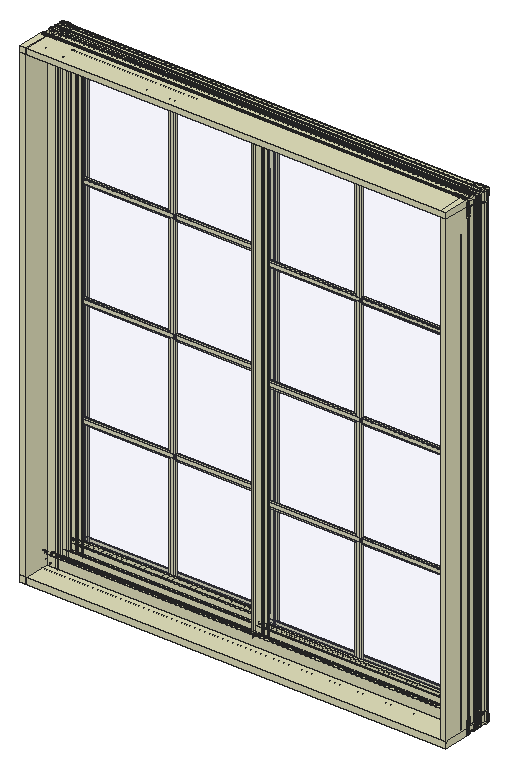
Revit family (continued)
Forms (in)
  Sweep 11, solid, material "Pella-Exterior Clad-Tan" <- "Interior Finish"
    profile origin (23.75, 2.95276, 58.25) x (0, -1, 0) y (1, 0, 0)
      loop
        line (2.99998, 0) -> (2.99998, -0.625) -> (5.90551, -0.625) -> (5.90551, 0) -> (2.99998, 0)
  Sweep 12, solid, material "Pella-Exterior Clad-Tan" <- "Interior Finish"
    path origin (0, 2.95276, 0) x (1, 0, 0) y (0, 0, 1)
      loop
        line (-23.75, 85) -> (-23.75, 31.5)
    profile origin (-23.75, 2.95276, 58.25) x (0, -1, 0) y (1, 0, 0)
      loop
        line (2.99998, 0) -> (5.90551, 0) -> (5.90551, 0.625) -> (2.99998, 0.625) -> (2.99998, 0)
  Sweep 13, solid, material "Pella-Exterior Clad-Tan" <- "Interior Finish"
    path origin (0, 2.95276, 0) x (1, 0, 0) y (0, 0, 1)
      loop
        line (23.75, 31.5) -> (-23.75, 31.5)
    profile origin (0, 2.95276, 31.5) x (0, 0, -1) y (0, -1, 0)
      loop
        line (0, 2.99998) -> (0, 5.90551) -> (-0.625, 5.90551) -> (-0.625, 2.99998) -> (0, 2.99998)
  Sweep 14, solid, material "Pella-Exterior Clad-Tan" <- "Interior Finish"
    path origin (0, 2.95276, 0) x (1, 0, 0) y (0, 0, 1)
      loop
        line (23.75, 85) -> (-23.75, 85)
    profile origin (0, 2.95276, 85) x (0, 0, -1) y (0, -1, 0)
      loop
        line (0, 2.99998) -> (0.625, 2.99998) -> (0.625, 5.90551) -> (0, 5.90551) -> (0, 2.99998)
  Sweep 15, solid, material "Pella-Exterior Clad-Tan" <- "Exterior Finish"
    path origin (0, 2.95276, 0) x (1, 0, 0) y (0, 0, 1)
      loop
        line (0, 32.75) -> (0, 83.75)
    profile origin (0, 2.95276, 58.25) x (-1, 0, 0) y (0, -1, 0)
      loop
        arc (0.62953, 0.94404) -> (0.64272, 0.9759) -> (0.67458, 0.98909) r 0.04505
        line (0.67458, 0.98909) -> (1.10078, 0.98909)
        arc (1.10078, 0.98909) -> (1.11624, 0.9827) -> (1.12268, 0.96726) r 0.0219
        arc (1.12268, 0.96726) -> (1.12847, 0.95328) -> (1.14245, 0.94749) r 0.01977
        line (1.14245, 0.94749) -> (1.17319, 0.94749)
        arc (1.17319, 0.94749) -> (1.18828, 0.95374) -> (1.19452, 0.96883) r 0.02133
        arc (1.19452, 0.96883) -> (1.17369, 1.03184) -> (1.11302, 1.05873) r 0.0819
        line (1.11302, 1.05873) -> (0.70378, 1.05873)
        arc (0.70378, 1.05873) -> (0.67635, 1.063) -> (0.65152, 1.07542) r 0.09012
        arc (0.65152, 1.07542) -> (0.60333, 1.09953) -> (0.5501, 1.10783) r 0.17491
        line (0.5501, 1.10783) -> (-0.10941, 1.10783)
        arc (-0.10941, 1.10783) -> (-0.12362, 1.11371) -> (-0.1295, 1.12792) r 0.02009
        line (-0.1295, 1.12792) -> (-0.1295, 1.18197)
        arc (-0.1295, 1.18197) -> (-0.13534, 1.19607) -> (-0.14945, 1.20192) r 0.01995
        line (-0.14945, 1.20192) -> (-0.20332, 1.20192)
        arc (-0.20332, 1.20192) -> (-0.21737, 1.19609) -> (-0.22319, 1.18204) r 0.01987
        arc (-0.22319, 1.18204) -> (-0.2948, 1.11038) -> (-0.36645, 1.18201) r 0.07163
        line (-0.36645, 1.18201) -> (-0.36645, 1.34319)
        arc (-0.36645, 1.34319) -> (-0.35425, 1.38267) -> (-0.3219, 1.4084) r 0.07
        line (-0.3219, 1.4084) -> (-0.15506, 1.47354)
        arc (-0.15506, 1.47354) -> (-0.13774, 1.5117) -> (-0.17545, 1.52999) r 0.03002
        line (-0.17545, 1.52999) -> (-0.34691, 1.46304)
        arc (-0.34691, 1.46304) -> (-0.40466, 1.41711) -> (-0.42645, 1.34661) r 0.125
        line (-0.42645, 1.34661) -> (-0.42645, 1.21299)
        arc (-0.42645, 1.21299) -> (-0.43963, 1.18117) -> (-0.47145, 1.16799) r 0.045
        line (-0.47145, 1.16799) -> (-0.81245, 1.16799)
        arc (-0.81245, 1.16799) -> (-0.84245, 1.13799) -> (-0.81245, 1.10799) r 0.03
        line (-0.81245, 1.10799) -> (-0.47145, 1.10799)
        arc (-0.47145, 1.10799) -> (-0.43963, 1.09481) -> (-0.42645, 1.06299) r 0.045
        line (-0.42645, 1.06299) -> (-0.42645, 0.66699)
        arc (-0.42645, 0.66699) -> (-0.43963, 0.63517) -> (-0.47145, 0.62199) r 0.045
        line (-0.47145, 0.62199) -> (-0.81245, 0.62199)
        arc (-0.81245, 0.62199) -> (-0.84245, 0.59199) -> (-0.81245, 0.56199) r 0.03
        line (-0.81245, 0.56199) -> (-0.47146, 0.56199)
        arc (-0.47146, 0.56199) -> (-0.43964, 0.54881) -> (-0.42647, 0.517) r 0.04499
        line (-0.42647, 0.517) -> (-0.42647, 0.25995)
        arc (-0.42647, 0.25995) -> (-0.39716, 0.18921) -> (-0.32643, 0.15991) r 0.10004
        line (-0.32643, 0.15991) -> (0.52971, 0.15991)
        arc (0.52971, 0.15991) -> (0.56165, 0.17314) -> (0.57488, 0.20507) r 0.04516
        arc (0.57488, 0.20507) -> (0.55518, 0.24064) -> (0.51521, 0.2332) r 0.03476
        line (0.51521, 0.2332) -> (0.36864, 0.255)
        arc (0.36864, 0.255) -> (0.32556, 0.29808) -> (0.36864, 0.34116) r 0.04308
        line (0.36864, 0.34116) -> (0.56564, 0.35841)
        arc (0.56564, 0.35841) -> (0.61114, 0.38085) -> (0.62953, 0.42813) r 0.06999
        line (0.62953, 0.42813) -> (0.62953, 0.94404)
      loop
        arc (0.30714, 0.3633) -> (0.33811, 0.38654) -> (0.3754, 0.39697) r 0.105
        line (0.3754, 0.39697) -> (0.51848, 0.40948)
        arc (0.51848, 0.40948) -> (0.54773, 0.42391) -> (0.55955, 0.45431) r 0.045
        line (0.55955, 0.45431) -> (0.55955, 1.00799)
        arc (0.55955, 1.00799) -> (0.54637, 1.03981) -> (0.51455, 1.05299) r 0.045
        line (0.51455, 1.05299) -> (-0.32645, 1.05299)
        arc (-0.32645, 1.05299) -> (-0.35827, 1.03981) -> (-0.37145, 1.00799) r 0.045
        line (-0.37145, 1.00799) -> (-0.37145, 0.25999)
        arc (-0.37145, 0.25999) -> (-0.35827, 0.22817) -> (-0.32645, 0.21499) r 0.045
        line (-0.32645, 0.21499) -> (0.23455, 0.21499)
        arc (0.23455, 0.21499) -> (0.26637, 0.22817) -> (0.27955, 0.25999) r 0.045
        line (0.27955, 0.25999) -> (0.27955, 0.29236)
        arc (0.27955, 0.29236) -> (0.28669, 0.33042) -> (0.30714, 0.3633) r 0.105
  Sweep 16, solid, material "Pella-Exterior Clad-Tan" <- "Exterior Finish"
    path origin (0, 2.95276, 0) x (1, 0, 0) y (0, 0, 1)
      loop
        line (-22.5, 32.75) -> (-22.5, 83.75)
    profile origin (-22.5, 2.95276, 58.25) x (-1, 0, 0) y (0, -1, 0)
      loop
        arc (-1.24171, 1.07602) -> (-1.26649, 1.06364) -> (-1.29385, 1.05938) r 0.09
        line (-1.29385, 1.05938) -> (-1.70271, 1.05938)
        arc (-1.70271, 1.05938) -> (-1.75928, 1.03595) -> (-1.78271, 0.97938) r 0.08
        arc (-1.78271, 0.97938) -> (-1.77833, 0.96142) -> (-1.76617, 0.94749) r 0.03901
        line (-1.76617, 0.94749) -> (-1.73271, 0.94749)
        arc (-1.73271, 0.94749) -> (-1.71857, 0.95335) -> (-1.71271, 0.96749) r 0.02
        arc (-1.71271, 0.96749) -> (-1.7063, 0.98297) -> (-1.69082, 0.98938) r 0.02189
        line (-1.69082, 0.98938) -> (-1.26471, 0.98938)
        arc (-1.26471, 0.98938) -> (-1.23289, 0.9762) -> (-1.21971, 0.94438) r 0.045
        line (-1.21971, 0.94438) -> (-1.21971, 0.42852)
        arc (-1.21971, 0.42852) -> (-1.20132, 0.38123) -> (-1.15581, 0.35879) r 0.07
        line (-1.15581, 0.35879) -> (-0.9588, 0.34155)
        arc (-0.9588, 0.34155) -> (-0.92457, 0.29847) -> (-0.9588, 0.25539) r 0.04423
        line (-0.9588, 0.25539) -> (-1.11174, 0.23259)
        arc (-1.11174, 0.23259) -> (-1.14694, 0.2356) -> (-1.16551, 0.20554) r 0.03372
        arc (-1.16551, 0.20554) -> (-1.15221, 0.17345) -> (-1.12012, 0.16015) r 0.04539
        line (-1.12012, 0.16015) -> (-0.26375, 0.16015)
        arc (-0.26375, 0.16015) -> (-0.19295, 0.18948) -> (-0.16363, 0.26028) r 0.10012
        line (-0.16363, 0.26028) -> (-0.16363, 0.99538) -> (-0.13271, 1.0263) -> (-0.13271, 1.08838)
        arc (-0.13271, 1.08838) -> (-0.13857, 1.10252) -> (-0.15271, 1.10838) r 0.02
        line (-0.15271, 1.10838) -> (-1.14033, 1.10838)
        arc (-1.14033, 1.10838) -> (-1.19354, 1.10009) -> (-1.24171, 1.07602) r 0.175
      loop
        arc (-0.8973, 0.36369) -> (-0.87685, 0.33081) -> (-0.86971, 0.29275) r 0.105
        line (-0.86971, 0.29275) -> (-0.86971, 0.26038)
        arc (-0.86971, 0.26038) -> (-0.85653, 0.22856) -> (-0.82471, 0.21538) r 0.045
        line (-0.82471, 0.21538) -> (-0.26371, 0.21538)
        arc (-0.26371, 0.21538) -> (-0.23189, 0.22856) -> (-0.21871, 0.26038) r 0.045
        line (-0.21871, 0.26038) -> (-0.21871, 1.00838)
        arc (-0.21871, 1.00838) -> (-0.23189, 1.0402) -> (-0.26371, 1.05338) r 0.045
        line (-0.26371, 1.05338) -> (-1.10471, 1.05338)
        arc (-1.10471, 1.05338) -> (-1.13653, 1.0402) -> (-1.14971, 1.00838) r 0.045
        line (-1.14971, 1.00838) -> (-1.14971, 0.4547)
        arc (-1.14971, 0.4547) -> (-1.13789, 0.4243) -> (-1.10863, 0.40987) r 0.045
        line (-1.10863, 0.40987) -> (-0.96556, 0.39736)
        arc (-0.96556, 0.39736) -> (-0.92827, 0.38693) -> (-0.8973, 0.36369) r 0.105
  Sweep 17, solid, material "Pella-Exterior Clad-Tan" <- "Exterior Finish"
    path origin (0, 2.95276, 0) x (1, 0, 0) y (0, 0, 1)
      loop
        line (-22.5, 82.53029) -> (-22.5, 33.96971)
    profile origin (-22.5, 2.95276, 58.25) x (0, -1, 0) y (1, 0, 0)
      loop
        arc (0.22529, 1.16584) -> (0.24955, 1.1383) -> (0.22831, 1.10836) r 0.02957
        line (0.22831, 1.10836) -> (0.29378, 0.96796)
        arc (0.29378, 0.96796) -> (0.32512, 0.95487) -> (0.34107, 0.98486) r 0.02522
        line (0.34107, 0.98486) -> (0.28886, 1.0968)
        arc (0.28886, 1.0968) -> (0.28791, 1.17828) -> (0.21581, 1.21625) r 0.07961
        line (0.21581, 1.21625) -> (0.21581, 1.71765)
        arc (0.21581, 1.71765) -> (0.23008, 1.73793) -> (0.23373, 1.76245) r 0.05376
        arc (0.23373, 1.76245) -> (0.22791, 1.77651) -> (0.21384, 1.78234) r 0.01989
        arc (0.21384, 1.78234) -> (0.18303, 1.77787) -> (0.16586, 1.75189) r 0.03806
        line (0.16586, 1.75189) -> (0.16586, 1.23505)
        arc (0.16586, 1.23505) -> (0.18275, 1.18944) -> (0.22529, 1.16584) r 0.07001
  Sweep 18, solid, material "Pella-Exterior Clad-Tan" <- "Exterior Finish"
    path origin (0, 2.95276, 0) x (1, 0, 0) y (0, 0, 1)
      loop
        line (-0.62953, 33.96971) -> (-0.62953, 82.53029)
    profile origin (-0.62953, 2.95276, 58.25) x (-1, 0, 0) y (0, -1, 0)
      loop
        arc (-1.20519, 1.662) -> (-1.17764, 1.68626) -> (-1.14771, 1.66502) r 0.02957
        line (-1.14771, 1.66502) -> (-1.0073, 1.73049)
        arc (-1.0073, 1.73049) -> (-0.99421, 1.76184) -> (-1.02421, 1.77778) r 0.02522
        line (-1.02421, 1.77778) -> (-1.13615, 1.72557)
        arc (-1.13615, 1.72557) -> (-1.21762, 1.72462) -> (-1.25559, 1.65253) r 0.07961
        line (-1.25559, 1.65253) -> (-1.757, 1.65253)
        arc (-1.757, 1.65253) -> (-1.77727, 1.66679) -> (-1.8018, 1.67045) r 0.05376
        arc (-1.8018, 1.67045) -> (-1.81586, 1.66462) -> (-1.82169, 1.65056) r 0.01989
        arc (-1.82169, 1.65056) -> (-1.81722, 1.61974) -> (-1.79124, 1.60257) r 0.03806
        line (-1.79124, 1.60257) -> (-1.27439, 1.60257)
        arc (-1.27439, 1.60257) -> (-1.22878, 1.61947) -> (-1.20519, 1.662) r 0.07001
  Sweep 19, solid, material "Pella-Exterior Clad-Tan" <- "Exterior Finish"
    path origin (0, 2.95276, 0) x (1, 0, 0) y (0, 0, 1)
      loop
        line (0, 32.75) -> (0, 83.75)
    profile origin (0, 2.95276, 58.25) x (-1, 0, 0) y (0, -1, 0)
      loop
        line (0.36644, 1.52697) -> (0.36644, 1.37997)
        arc (0.36644, 1.37997) -> (0.39644, 1.34997) -> (0.42644, 1.37997) r 0.03
        line (0.42644, 1.37997) -> (0.42644, 2.54497) -> (0.38231, 2.79523)
        arc (0.38231, 2.79523) -> (0.37156, 2.8247) -> (0.35136, 2.84869) r 0.09
        line (0.35136, 2.84869) -> (0.27476, 2.91265)
        arc (0.27476, 2.91265) -> (0.22567, 2.90209) -> (0.24779, 2.85701) r 0.03186
        line (0.24779, 2.85701) -> (0.32131, 2.79561) -> (0.33969, 2.69166)
        arc (0.33969, 2.69166) -> (0.31235, 2.58951) -> (0.21652, 2.5448) r 0.12508
        line (0.21652, 2.5448) -> (-0.55011, 2.5448)
        arc (-0.55011, 2.5448) -> (-0.60334, 2.53651) -> (-0.65152, 2.5124) r 0.1749
        arc (-0.65152, 2.5124) -> (-0.67635, 2.49998) -> (-0.70378, 2.4957) r 0.09013
        line (-0.70378, 2.4957) -> (-1.11301, 2.4957)
        arc (-1.11301, 2.4957) -> (-1.17365, 2.46884) -> (-1.19448, 2.40587) r 0.08186
        arc (-1.19448, 2.40587) -> (-1.18825, 2.39084) -> (-1.17322, 2.38461) r 0.02126
        line (-1.17322, 2.38461) -> (-1.14242, 2.38461)
        arc (-1.14242, 2.38461) -> (-1.1285, 2.39038) -> (-1.12273, 2.4043) r 0.01969
        arc (-1.12273, 2.4043) -> (-1.11628, 2.41973) -> (-1.10083, 2.42611) r 0.0219
        line (-1.10083, 2.42611) -> (-0.6746, 2.42611)
        arc (-0.6746, 2.42611) -> (-0.64273, 2.41291) -> (-0.62953, 2.38104) r 0.04507
        line (-0.62953, 2.38104) -> (-0.62953, 1.86511)
        arc (-0.62953, 1.86511) -> (-0.61114, 1.81783) -> (-0.56565, 1.7954) r 0.06998
        line (-0.56565, 1.7954) -> (-0.36865, 1.77815)
        arc (-0.36865, 1.77815) -> (-0.32557, 1.73507) -> (-0.36865, 1.69199) r 0.04308
        line (-0.36865, 1.69199) -> (-0.5152, 1.67008)
        arc (-0.5152, 1.67008) -> (-0.55745, 1.68257) -> (-0.57456, 1.64197) r 0.03305
        arc (-0.57456, 1.64197) -> (-0.56138, 1.61015) -> (-0.52956, 1.59697) r 0.045
        line (-0.52956, 1.59697) -> (0.01369, 1.59697)
        arc (0.01369, 1.59697) -> (0.09082, 1.51984) -> (0.01369, 1.44271) r 0.07713
        line (0.01369, 1.44271) -> (-0.24005, 1.44271)
        arc (-0.24005, 1.44271) -> (-0.27005, 1.41271) -> (-0.24005, 1.38271) r 0.03
        line (-0.24005, 1.38271) -> (0.02363, 1.38271)
        arc (0.02363, 1.38271) -> (0.09046, 1.40207) -> (0.13658, 1.45416) r 0.125
        line (0.13658, 1.45416) -> (0.18532, 1.55696)
        arc (0.18532, 1.55696) -> (0.21115, 1.58613) -> (0.24857, 1.59697) r 0.07
        line (0.24857, 1.59697) -> (0.29644, 1.59697)
        arc (0.29644, 1.59697) -> (0.34593, 1.57647) -> (0.36644, 1.52697) r 0.07
      loop
        arc (-0.30715, 1.80029) -> (-0.2867, 1.7674) -> (-0.27956, 1.72935) r 0.105
        line (-0.27956, 1.72935) -> (-0.27956, 1.69697)
        arc (-0.27956, 1.69697) -> (-0.26638, 1.66515) -> (-0.23456, 1.65197) r 0.045
        line (-0.23456, 1.65197) -> (0.32644, 1.65197)
        arc (0.32644, 1.65197) -> (0.35826, 1.66515) -> (0.37144, 1.69697) r 0.045
        line (0.37144, 1.69697) -> (0.37144, 2.44497)
        arc (0.37144, 2.44497) -> (0.35826, 2.47679) -> (0.32644, 2.48997) r 0.045
        line (0.32644, 2.48997) -> (-0.51456, 2.48997)
        arc (-0.51456, 2.48997) -> (-0.54638, 2.47679) -> (-0.55956, 2.44497) r 0.045
        line (-0.55956, 2.44497) -> (-0.55956, 1.89129)
        arc (-0.55956, 1.89129) -> (-0.54774, 1.86089) -> (-0.51849, 1.84647) r 0.045
        line (-0.51849, 1.84647) -> (-0.37541, 1.83395)
        arc (-0.37541, 1.83395) -> (-0.33812, 1.82352) -> (-0.30715, 1.80029) r 0.105
  Sweep 20, solid, material "Pella-Exterior Clad-Tan" <- "Exterior Finish"
    path origin (0, 2.95276, 0) x (1, 0, 0) y (0, 0, 1)
      loop
        line (0.62953, 82.53029) -> (0.62953, 33.96971)
    profile origin (0.62953, 2.95276, 58.25) x (0, -1, 0) y (1, 0, 0)
      loop
        arc (0.22529, -1.20519) -> (0.18275, -1.22878) -> (0.16586, -1.27439) r 0.07001
        line (0.16586, -1.27439) -> (0.16586, -1.79124)
        arc (0.16586, -1.79124) -> (0.18303, -1.81722) -> (0.21384, -1.82169) r 0.03806
        arc (0.21384, -1.82169) -> (0.22791, -1.81586) -> (0.23373, -1.8018) r 0.01989
        arc (0.23373, -1.8018) -> (0.23008, -1.77727) -> (0.21581, -1.757) r 0.05376
        line (0.21581, -1.757) -> (0.21581, -1.25559)
        arc (0.21581, -1.25559) -> (0.28791, -1.21762) -> (0.28886, -1.13615) r 0.07961
        line (0.28886, -1.13615) -> (0.34107, -1.02421)
        arc (0.34107, -1.02421) -> (0.32512, -0.99421) -> (0.29378, -1.0073) r 0.02522
        line (0.29378, -1.0073) -> (0.22831, -1.14771)
        arc (0.22831, -1.14771) -> (0.24955, -1.17764) -> (0.22529, -1.20519) r 0.02957
  Sweep 21, solid, material "Pella-Exterior Clad-Tan" <- "Exterior Finish"
    path origin (0, 1.28248, 0) x (-1, 0, 0) y (0, 0, 1)
      loop
        line (-22.5, 83.75) -> (0.42645, 83.75)
    profile origin (11.03678, 1.28248, 83.75) x (0, 0, 1) y (0, 1, 0)
      loop
        arc (-1.24171, -0.84246) -> (-1.19354, -0.86654) -> (-1.14033, -0.87482) r 0.175
        line (-1.14033, -0.87482) -> (-0.15271, -0.87482)
        arc (-0.15271, -0.87482) -> (-0.13857, -0.86897) -> (-0.13271, -0.85482) r 0.02
        line (-0.13271, -0.85482) -> (-0.13271, -0.79274) -> (-0.16363, -0.76182) -> (-0.16363, -0.02672)
        arc (-0.16363, -0.02672) -> (-0.19295, 0.04408) -> (-0.26375, 0.07341) r 0.10012
        line (-0.26375, 0.07341) -> (-1.12012, 0.07341)
        arc (-1.12012, 0.07341) -> (-1.15221, 0.06011) -> (-1.16551, 0.02802) r 0.04539
        arc (-1.16551, 0.02802) -> (-1.14694, -0.00204) -> (-1.11174, 0.00097) r 0.03372
        line (-1.11174, 0.00097) -> (-0.9588, -0.02184)
        arc (-0.9588, -0.02184) -> (-0.92457, -0.06492) -> (-0.9588, -0.108) r 0.04423
        line (-0.9588, -0.108) -> (-1.15581, -0.12523)
        arc (-1.15581, -0.12523) -> (-1.20132, -0.14767) -> (-1.21971, -0.19497) r 0.07
        line (-1.21971, -0.19497) -> (-1.21971, -0.71082)
        arc (-1.21971, -0.71082) -> (-1.23289, -0.74264) -> (-1.26471, -0.75582) r 0.045
        line (-1.26471, -0.75582) -> (-1.69082, -0.75582)
        arc (-1.69082, -0.75582) -> (-1.7063, -0.74941) -> (-1.71271, -0.73394) r 0.02189
        arc (-1.71271, -0.73394) -> (-1.71857, -0.71979) -> (-1.73271, -0.71394) r 0.02
        line (-1.73271, -0.71394) -> (-1.76617, -0.71394)
        arc (-1.76617, -0.71394) -> (-1.77833, -0.72786) -> (-1.78271, -0.74582) r 0.03901
        arc (-1.78271, -0.74582) -> (-1.75928, -0.80239) -> (-1.70271, -0.82582) r 0.08
        line (-1.70271, -0.82582) -> (-1.29385, -0.82582)
        arc (-1.29385, -0.82582) -> (-1.26649, -0.83008) -> (-1.24171, -0.84246) r 0.09
      loop
        arc (-0.8973, -0.13013) -> (-0.92827, -0.15337) -> (-0.96556, -0.1638) r 0.105
        line (-0.96556, -0.1638) -> (-1.10863, -0.17632)
        arc (-1.10863, -0.17632) -> (-1.13789, -0.19074) -> (-1.14971, -0.22114) r 0.045
        line (-1.14971, -0.22114) -> (-1.14971, -0.77482)
        arc (-1.14971, -0.77482) -> (-1.13653, -0.80664) -> (-1.10471, -0.81982) r 0.045
        line (-1.10471, -0.81982) -> (-0.26371, -0.81982)
        arc (-0.26371, -0.81982) -> (-0.23189, -0.80664) -> (-0.21871, -0.77482) r 0.045
        line (-0.21871, -0.77482) -> (-0.21871, -0.02682)
        arc (-0.21871, -0.02682) -> (-0.23189, 0.005) -> (-0.26371, 0.01818) r 0.045
        line (-0.26371, 0.01818) -> (-0.82471, 0.01818)
        arc (-0.82471, 0.01818) -> (-0.85653, 0.005) -> (-0.86971, -0.02682) r 0.045
        line (-0.86971, -0.02682) -> (-0.86971, -0.0592)
        arc (-0.86971, -0.0592) -> (-0.87685, -0.09725) -> (-0.8973, -0.13013) r 0.105
  Sweep 22, solid, material "Pella-Exterior Clad-Tan" <- "Exterior Finish"
    path origin (0, 1.28248, 0) x (-1, 0, 0) y (0, 0, 1)
      loop
        line (-22.5, 32.75) -> (0.42645, 32.75)
    profile origin (11.03678, 1.28248, 32.75) x (0, 0, 1) y (0, 1, 0)
      loop
        arc (1.24171, -0.84246) -> (1.26649, -0.83008) -> (1.29385, -0.82582) r 0.09
        line (1.29385, -0.82582) -> (1.70271, -0.82582)
        arc (1.70271, -0.82582) -> (1.75928, -0.80239) -> (1.78271, -0.74582) r 0.08
        arc (1.78271, -0.74582) -> (1.77833, -0.72786) -> (1.76617, -0.71394) r 0.03901
        line (1.76617, -0.71394) -> (1.73271, -0.71394)
        arc (1.73271, -0.71394) -> (1.71857, -0.71979) -> (1.71271, -0.73394) r 0.02
        arc (1.71271, -0.73394) -> (1.7063, -0.74941) -> (1.69082, -0.75582) r 0.02189
        line (1.69082, -0.75582) -> (1.26471, -0.75582)
        arc (1.26471, -0.75582) -> (1.23289, -0.74264) -> (1.21971, -0.71082) r 0.045
        line (1.21971, -0.71082) -> (1.21971, -0.19497)
        arc (1.21971, -0.19497) -> (1.20132, -0.14767) -> (1.15581, -0.12523) r 0.07
        line (1.15581, -0.12523) -> (0.9588, -0.108)
        arc (0.9588, -0.108) -> (0.92457, -0.06492) -> (0.9588, -0.02184) r 0.04423
        line (0.9588, -0.02184) -> (1.11174, 0.00097)
        arc (1.11174, 0.00097) -> (1.14694, -0.00204) -> (1.16551, 0.02802) r 0.03372
        arc (1.16551, 0.02802) -> (1.15221, 0.06011) -> (1.12012, 0.07341) r 0.04539
        line (1.12012, 0.07341) -> (0.26375, 0.07341)
        arc (0.26375, 0.07341) -> (0.19295, 0.04408) -> (0.16363, -0.02672) r 0.10012
        line (0.16363, -0.02672) -> (0.16363, -0.76182) -> (0.13271, -0.79274) -> (0.13271, -0.85482)
        arc (0.13271, -0.85482) -> (0.13857, -0.86897) -> (0.15271, -0.87482) r 0.02
        line (0.15271, -0.87482) -> (1.14033, -0.87482)
        arc (1.14033, -0.87482) -> (1.19354, -0.86654) -> (1.24171, -0.84246) r 0.175
      loop
        arc (0.8973, -0.13013) -> (0.87685, -0.09725) -> (0.86971, -0.0592) r 0.105
        line (0.86971, -0.0592) -> (0.86971, -0.02682)
        arc (0.86971, -0.02682) -> (0.85653, 0.005) -> (0.82471, 0.01818) r 0.045
        line (0.82471, 0.01818) -> (0.26371, 0.01818)
        arc (0.26371, 0.01818) -> (0.23189, 0.005) -> (0.21871, -0.02682) r 0.045
        line (0.21871, -0.02682) -> (0.21871, -0.77482)
        arc (0.21871, -0.77482) -> (0.23189, -0.80664) -> (0.26371, -0.81982) r 0.045
        line (0.26371, -0.81982) -> (1.10471, -0.81982)
        arc (1.10471, -0.81982) -> (1.13653, -0.80664) -> (1.14971, -0.77482) r 0.045
        line (1.14971, -0.77482) -> (1.14971, -0.22114)
        arc (1.14971, -0.22114) -> (1.13789, -0.19074) -> (1.10863, -0.17632) r 0.045
        line (1.10863, -0.17632) -> (0.96556, -0.1638)
        arc (0.96556, -0.1638) -> (0.92827, -0.15337) -> (0.8973, -0.13013) r 0.105
  Sweep 23, solid, material "Pella-Exterior Clad-Tan" <- "Exterior Finish"
    path origin (0, 1.28248, 0) x (-1, 0, 0) y (0, 0, 1)
      loop
        line (-22.5, 32.75) -> (0.42645, 32.75)
    profile origin (11.03678, 1.28248, 32.75) x (0, 0, 1) y (0, 1, 0)
      loop
        arc (1.16584, 0.00827) -> (1.1383, -0.01599) -> (1.10836, 0.00525) r 0.02957
        line (1.10836, 0.00525) -> (0.96796, -0.06022)
        arc (0.96796, -0.06022) -> (0.95487, -0.09157) -> (0.98486, -0.10751) r 0.02522
        line (0.98486, -0.10751) -> (1.0968, -0.0553)
        arc (1.0968, -0.0553) -> (1.17828, -0.05435) -> (1.21625, 0.01775) r 0.07961
        line (1.21625, 0.01775) -> (1.71765, 0.01775)
        arc (1.71765, 0.01775) -> (1.73793, 0.00348) -> (1.76245, -0.00018) r 0.05376
        arc (1.76245, -0.00018) -> (1.77651, 0.00565) -> (1.78234, 0.01971) r 0.01989
        arc (1.78234, 0.01971) -> (1.77787, 0.05053) -> (1.75189, 0.0677) r 0.03806
        line (1.75189, 0.0677) -> (1.23505, 0.0677)
        arc (1.23505, 0.0677) -> (1.18944, 0.0508) -> (1.16584, 0.00827) r 0.07001
  Sweep 24, solid, material "Pella-Exterior Clad-Tan" <- "Exterior Finish"
    path origin (0, 1.28248, 0) x (-1, 0, 0) y (0, 0, 1)
      loop
        line (-0.42644, 83.75) -> (22.5, 83.75)
    profile origin (-11.03678, 1.28248, 83.75) x (0, 0, 1) y (0, 1, 0)
      loop
        arc (-1.16584, 0.00827) -> (-1.18944, 0.0508) -> (-1.23505, 0.0677) r 0.07001
        line (-1.23505, 0.0677) -> (-1.75189, 0.0677)
        arc (-1.75189, 0.0677) -> (-1.77787, 0.05053) -> (-1.78234, 0.01971) r 0.03806
        arc (-1.78234, 0.01971) -> (-1.77651, 0.00565) -> (-1.76245, -0.00018) r 0.01989
        arc (-1.76245, -0.00018) -> (-1.73793, 0.00348) -> (-1.71765, 0.01775) r 0.05376
        line (-1.71765, 0.01775) -> (-1.21625, 0.01775)
        arc (-1.21625, 0.01775) -> (-1.17828, -0.05435) -> (-1.0968, -0.0553) r 0.07961
        line (-1.0968, -0.0553) -> (-0.98486, -0.10751)
        arc (-0.98486, -0.10751) -> (-0.95487, -0.09157) -> (-0.96796, -0.06022) r 0.02522
        line (-0.96796, -0.06022) -> (-1.10836, 0.00525)
        arc (-1.10836, 0.00525) -> (-1.1383, -0.01599) -> (-1.16584, 0.00827) r 0.02957
  Sweep 25, solid, material "Pella-Exterior Clad-Tan" <- "Grille Finish", visible <- "Vertical Mullion 1"
    path origin (0, 2.7192, 0) x (0, 0, -1) y (1, 0, 0)
      loop
        line (-33.96971, 10.95491) -> (-82.53029, 10.95491)
    profile origin (10.95491, 2.7192, 58.25) x (-1, 0, 0) y (0, -1, 0)
      loop
        line (-0.375, 1.86258) -> (-0.375, 1.72479) -> (-0.21555, 1.70796) -> (-0.19685, 1.67557) -> (0.19685, 1.67557) -> (0.21555, 1.70796) -> (0.375, 1.72479) -> (0.375, 1.86258) -> (0.21555, 1.8794) -> (0.19685, 1.91179) -> (-0.19685, 1.91179) -> (-0.21555, 1.8794) -> (-0.375, 1.86258)
  Sweep 26, solid, material "Pella-Exterior Clad-Tan" <- "Grille Finish", visible <- "Vertical Mullion 1"
    path origin (0, 1.28248, 0) x (-1, 0, 0) y (0, 0, 1)
      loop
        line (10.95491, 33.96971) -> (10.95491, 82.53029)
    profile origin (-10.95491, 1.28248, 58.25) x (1, 0, 0) y (0, 1, 0)
      loop
        line (-0.375, 1.01085) -> (-0.21555, 0.99403) -> (-0.19685, 0.96164) -> (0.19685, 0.96164) -> (0.21555, 0.99403) -> (0.375, 1.01085) -> (0.375, 1.14864) -> (0.21555, 1.16547) -> (0.19685, 1.19786) -> (-0.19685, 1.19786) -> (-0.21555, 1.16547) -> (-0.375, 1.14864) -> (-0.375, 1.01085)
  Sweep 27, solid, material "Pella-Exterior Clad-Tan" <- "Grille Finish", visible <- "Vertical Mullion 2"
    path origin (0, 2.7192, 0) x (0, 0, -1) y (1, 0, 0)
      loop
        line (-33.96971, 10.95491) -> (-82.53029, 10.95491)
    profile origin (10.95491, 2.7192, 58.25) x (-1, 0, 0) y (0, -1, 0)
      loop
        line (3.81679, 1.86258) -> (3.65734, 1.8794) -> (3.63864, 1.91179) -> (3.24494, 1.91179) -> (3.22624, 1.8794) -> (3.06679, 1.86258) -> (3.06679, 1.72479) -> (3.22624, 1.70796) -> (3.24494, 1.67557) -> (3.63864, 1.67557) -> (3.65734, 1.70796) -> (3.81679, 1.72479) -> (3.81679, 1.86258)
      loop
        line (-3.06679, 1.86258) -> (-3.22624, 1.8794) -> (-3.24494, 1.91179) -> (-3.63864, 1.91179) -> (-3.65734, 1.8794) -> (-3.81679, 1.86258) -> (-3.81679, 1.72479) -> (-3.65734, 1.70796) -> (-3.63864, 1.67557) -> (-3.24494, 1.67557) -> (-3.22624, 1.70796) -> (-3.06679, 1.72479) -> (-3.06679, 1.86258)
  Sweep 28, solid, material "Pella-Exterior Clad-Tan" <- "Grille Finish", visible <- "Vertical Mullion 2"
    path origin (0, 0.68666, 0) x (-1, 0, 0) y (0, 0, 1)
      loop
        line (10.95491, 82.53029) -> (10.95491, 33.96971)
    profile origin (-10.95491, 0.68666, 58.25) x (0, 1, 0) y (-1, 0, 0)
      loop
        line (1.60667, 3.81679) -> (1.58985, 3.65734) -> (1.55746, 3.63864) -> (1.55746, 3.24494) -> (1.58985, 3.22624) -> (1.60667, 3.06679) -> (1.74447, 3.06679) -> (1.76129, 3.22624) -> (1.79368, 3.24494) -> (1.79368, 3.63864) -> (1.76129, 3.65734) -> (1.74447, 3.81679) -> (1.60667, 3.81679)
      loop
        line (1.60667, -3.06679) -> (1.58985, -3.22624) -> (1.55746, -3.24494) -> (1.55746, -3.63864) -> (1.58985, -3.65734) -> (1.60667, -3.81679) -> (1.74447, -3.81679) -> (1.76129, -3.65734) -> (1.79368, -3.63864) -> (1.79368, -3.24494) -> (1.76129, -3.22624) -> (1.74447, -3.06679) -> (1.60667, -3.06679)
  Sweep 29, solid, material "Pella-Exterior Clad-Tan" <- "Grille Finish", visible <- "Horizontal Mullion 1"
    path origin (0, 2.7192, 0) x (0, 0, -1) y (1, 0, 0)
      loop
        line (-58.25, 0.62953) -> (-58.25, 21.28029)
    profile origin (10.95491, 2.7192, 58.25) x (0, 0, 1) y (0, -1, 0)
      loop
        line (0.375, 1.72479) -> (0.375, 1.86258) -> (0.21555, 1.8794) -> (0.19685, 1.91179) -> (-0.19685, 1.91179) -> (-0.21555, 1.8794) -> (-0.375, 1.86258) -> (-0.375, 1.72479) -> (-0.21555, 1.70796) -> (-0.19685, 1.67557) -> (0.19685, 1.67557) -> (0.21555, 1.70796) -> (0.375, 1.72479)
  Sweep 30, solid, material "Pella-Exterior Clad-Tan" <- "Grille Finish", visible <- "Horizontal Mullion 1"
    path origin (0, 1.28248, 0) x (-1, 0, 0) y (0, 0, 1)
      loop
        line (0.62953, 58.25) -> (21.28029, 58.25)
    profile origin (-10.95491, 1.28248, 58.25) x (0, 0, 1) y (0, 1, 0)
      loop
        line (0.375, 1.14864) -> (0.21555, 1.16547) -> (0.19685, 1.19786) -> (-0.19685, 1.19786) -> (-0.21555, 1.16547) -> (-0.375, 1.14864) -> (-0.375, 1.01085) -> (-0.21555, 0.99403) -> (-0.19685, 0.96164) -> (0.19685, 0.96164) -> (0.21555, 0.99403) -> (0.375, 1.01085) -> (0.375, 1.14864)
  Sweep 31, solid, material "Pella-Exterior Clad-Tan" <- "Grille Finish", visible <- "Horizontal Mullion 2"
    path origin (0, 2.7192, 0) x (0, 0, -1) y (1, 0, 0)
      loop
        line (-58.25, 0.62953) -> (-58.25, 21.28029)
    profile origin (10.95491, 2.7192, 58.25) x (0, 0, 1) y (0, -1, 0)
      loop
        line (8.3794, 1.72479) -> (8.3794, 1.86258) -> (8.21995, 1.8794) -> (8.20125, 1.91179) -> (7.80755, 1.91179) -> (7.78885, 1.8794) -> (7.6294, 1.86258) -> (7.6294, 1.72479) -> (7.78885, 1.70796) -> (7.80755, 1.67557) -> (8.20125, 1.67557) -> (8.21995, 1.70796) -> (8.3794, 1.72479)
      loop
        line (-7.6294, 1.72479) -> (-7.6294, 1.86258) -> (-7.78885, 1.8794) -> (-7.80755, 1.91179) -> (-8.20125, 1.91179) -> (-8.21995, 1.8794) -> (-8.3794, 1.86258) -> (-8.3794, 1.72479) -> (-8.21995, 1.70796) -> (-8.20125, 1.67557) -> (-7.80755, 1.67557) -> (-7.78885, 1.70796) -> (-7.6294, 1.72479)
  Sweep 32, solid, material "Pella-Exterior Clad-Tan" <- "Grille Finish", visible <- "Horizontal Mullion 2"
    path origin (0, 1.28248, 0) x (-1, 0, 0) y (0, 0, 1)
      loop
        line (0.62953, 58.25) -> (21.28029, 58.25)
    profile origin (-10.95491, 1.28248, 58.25) x (0, 0, 1) y (0, 1, 0)
      loop
        line (8.3794, 1.14864) -> (8.21995, 1.16547) -> (8.20125, 1.19786) -> (7.80755, 1.19786) -> (7.78885, 1.16547) -> (7.6294, 1.14864) -> (7.6294, 1.01085) -> (7.78885, 0.99403) -> (7.80755, 0.96164) -> (8.20125, 0.96164) -> (8.21995, 0.99403) -> (8.3794, 1.01085) -> (8.3794, 1.14864)
      loop
        line (-7.6294, 1.14864) -> (-7.78885, 1.16547) -> (-7.80755, 1.19786) -> (-8.20125, 1.19786) -> (-8.21995, 1.16547) -> (-8.3794, 1.14864) -> (-8.3794, 1.01085) -> (-8.21995, 0.99403) -> (-8.20125, 0.96164) -> (-7.80755, 0.96164) -> (-7.78885, 0.99403) -> (-7.6294, 1.01085) -> (-7.6294, 1.14864)
  Sweep 33, solid, material "Pella-Exterior Clad-Tan" <- "Grille Finish", visible <- "Horizontal Mullion 3"
    path origin (0, 2.7192, 0) x (0, 0, -1) y (1, 0, 0)
      loop
        line (-58.25, 21.28029) -> (-58.25, 0.62953)
    profile origin (10.95491, 2.7192, 58.25) x (0, 0, -1) y (0, -1, 0)
      loop
        line (-12.3816, 1.72479) -> (-12.22215, 1.70796) -> (-12.20345, 1.67557) -> (-11.80975, 1.67557) -> (-11.79105, 1.70796) -> (-11.6316, 1.72479) -> (-11.6316, 1.86258) -> (-11.79105, 1.8794) -> (-11.80975, 1.91179) -> (-12.20345, 1.91179) -> (-12.22215, 1.8794) -> (-12.3816, 1.86258) -> (-12.3816, 1.72479)
      loop
        line (-0.375, 1.72479) -> (-0.21555, 1.70796) -> (-0.19685, 1.67557) -> (0.19685, 1.67557) -> (0.21555, 1.70796) -> (0.375, 1.72479) -> (0.375, 1.86258) -> (0.21555, 1.8794) -> (0.19685, 1.91179) -> (-0.19685, 1.91179) -> (-0.21555, 1.8794) -> (-0.375, 1.86258) -> (-0.375, 1.72479)
      loop
        line (11.6316, 1.72479) -> (11.79105, 1.70796) -> (11.80975, 1.67557) -> (12.20345, 1.67557) -> (12.22215, 1.70796) -> (12.3816, 1.72479) -> (12.3816, 1.86258) -> (12.22215, 1.8794) -> (12.20345, 1.91179) -> (11.80975, 1.91179) -> (11.79105, 1.8794) -> (11.6316, 1.86258) -> (11.6316, 1.72479)
  Sweep 34, solid, material "Pella-Exterior Clad-Tan" <- "Grille Finish", visible <- "Horizontal Mullion 3"
    path origin (0, 1.28248, 0) x (-1, 0, 0) y (0, 0, 1)
      loop
        line (0.62953, 58.25) -> (21.28029, 58.25)
    profile origin (-10.95491, 1.28248, 58.25) x (0, 0, 1) y (0, 1, 0)
      loop
        line (-11.6316, 1.14864) -> (-11.79105, 1.16547) -> (-11.80975, 1.19786) -> (-12.20345, 1.19786) -> (-12.22215, 1.16547) -> (-12.3816, 1.14864) -> (-12.3816, 1.01085) -> (-12.22215, 0.99403) -> (-12.20345, 0.96164) -> (-11.80975, 0.96164) -> (-11.79105, 0.99403) -> (-11.6316, 1.01085) -> (-11.6316, 1.14864)
      loop
        line (0.375, 1.14864) -> (0.21555, 1.16547) -> (0.19685, 1.19786) -> (-0.19685, 1.19786) -> (-0.21555, 1.16547) -> (-0.375, 1.14864) -> (-0.375, 1.01085) -> (-0.21555, 0.99403) -> (-0.19685, 0.96164) -> (0.19685, 0.96164) -> (0.21555, 0.99403) -> (0.375, 1.01085) -> (0.375, 1.14864)
      loop
        line (12.3816, 1.14864) -> (12.22215, 1.16547) -> (12.20345, 1.19786) -> (11.80975, 1.19786) -> (11.79105, 1.16547) -> (11.6316, 1.14864) -> (11.6316, 1.01085) -> (11.79105, 0.99403) -> (11.80975, 0.96164) -> (12.20345, 0.96164) -> (12.22215, 0.99403) -> (12.3816, 1.01085) -> (12.3816, 1.14864)
  Sweep 35, solid, material "Pella-Exterior Clad-Tan" <- "Grille Finish", visible <- "Horizontal Mullion 4"
    path origin (0, 2.7192, 0) x (0, 0, -1) y (1, 0, 0)
      loop
        line (-58.25, 21.28029) -> (-58.25, 0.62953)
    profile origin (10.95491, 2.7192, 58.25) x (0, 0, -1) y (0, -1, 0)
      loop
        line (14.03292, 1.72479) -> (14.19237, 1.70796) -> (14.21107, 1.67557) -> (14.60477, 1.67557) -> (14.62347, 1.70796) -> (14.78292, 1.72479) -> (14.78292, 1.86258) -> (14.62347, 1.8794) -> (14.60477, 1.91179) -> (14.21107, 1.91179) -> (14.19237, 1.8794) -> (14.03292, 1.86258) -> (14.03292, 1.72479)
      loop
        line (4.42764, 1.72479) -> (4.58709, 1.70796) -> (4.60579, 1.67557) -> (4.99949, 1.67557) -> (5.01819, 1.70796) -> (5.17764, 1.72479) -> (5.17764, 1.86258) -> (5.01819, 1.8794) -> (4.99949, 1.91179) -> (4.60579, 1.91179) -> (4.58709, 1.8794) -> (4.42764, 1.86258) -> (4.42764, 1.72479)
      loop
        line (-5.17764, 1.72479) -> (-5.01819, 1.70796) -> (-4.99949, 1.67557) -> (-4.60579, 1.67557) -> (-4.58709, 1.70796) -> (-4.42764, 1.72479) -> (-4.42764, 1.86258) -> (-4.58709, 1.8794) -> (-4.60579, 1.91179) -> (-4.99949, 1.91179) -> (-5.01819, 1.8794) -> (-5.17764, 1.86258) -> (-5.17764, 1.72479)
      loop
        line (-14.78292, 1.72479) -> (-14.62347, 1.70796) -> (-14.60477, 1.67557) -> (-14.21107, 1.67557) -> (-14.19237, 1.70796) -> (-14.03292, 1.72479) -> (-14.03292, 1.86258) -> (-14.19237, 1.8794) -> (-14.21107, 1.91179) -> (-14.60477, 1.91179) -> (-14.62347, 1.8794) -> (-14.78292, 1.86258) -> (-14.78292, 1.72479)
  Sweep 36, solid, material "Pella-Exterior Clad-Tan" <- "Grille Finish", visible <- "Horizontal Mullion 4"
    path origin (0, 1.28248, 0) x (-1, 0, 0) y (0, 0, 1)
      loop
        line (0.62953, 58.25) -> (21.28029, 58.25)
    profile origin (-10.95491, 1.28248, 58.25) x (0, 0, 1) y (0, 1, 0)
      loop
        line (-14.03292, 1.14864) -> (-14.19237, 1.16547) -> (-14.21107, 1.19786) -> (-14.60477, 1.19786) -> (-14.62347, 1.16547) -> (-14.78292, 1.14864) -> (-14.78292, 1.01085) -> (-14.62347, 0.99403) -> (-14.60477, 0.96164) -> (-14.21107, 0.96164) -> (-14.19237, 0.99403) -> (-14.03292, 1.01085) -> (-14.03292, 1.14864)
      loop
        line (-4.42764, 1.14864) -> (-4.58709, 1.16547) -> (-4.60579, 1.19786) -> (-4.99949, 1.19786) -> (-5.01819, 1.16547) -> (-5.17764, 1.14864) -> (-5.17764, 1.01085) -> (-5.01819, 0.99403) -> (-4.99949, 0.96164) -> (-4.60579, 0.96164) -> (-4.58709, 0.99403) -> (-4.42764, 1.01085) -> (-4.42764, 1.14864)
      loop
        line (5.17764, 1.14864) -> (5.01819, 1.16547) -> (4.99949, 1.19786) -> (4.60579, 1.19786) -> (4.58709, 1.16547) -> (4.42764, 1.14864) -> (4.42764, 1.01085) -> (4.58709, 0.99403) -> (4.60579, 0.96164) -> (4.99949, 0.96164) -> (5.01819, 0.99403) -> (5.17764, 1.01085) -> (5.17764, 1.14864)
      loop
        line (14.78292, 1.14864) -> (14.62347, 1.16547) -> (14.60477, 1.19786) -> (14.21107, 1.19786) -> (14.19237, 1.16547) -> (14.03292, 1.14864) -> (14.03292, 1.01085) -> (14.19237, 0.99403) -> (14.21107, 0.96164) -> (14.60477, 0.96164) -> (14.62347, 0.99403) -> (14.78292, 1.01085) -> (14.78292, 1.14864)
  Sweep 37, solid, material "Pella-Exterior Clad-Tan" <- "Grille Finish", visible <- "Prairie Grille"
    path origin (0, 2.7192, 0) x (0, 0, -1) y (1, 0, 0)
      loop
        line (-33.96971, 10.95491) -> (-82.53029, 10.95491)
    profile origin (10.95491, 2.7192, 58.25) x (-1, 0, 0) y (0, -1, 0)
      loop
        line (-7.28369, 1.86258) -> (-7.28369, 1.72479) -> (-7.12424, 1.70796) -> (-7.10554, 1.67557) -> (-6.71184, 1.67557) -> (-6.69314, 1.70796) -> (-6.53369, 1.72479) -> (-6.53369, 1.86258) -> (-6.69314, 1.8794) -> (-6.71184, 1.91179) -> (-7.10554, 1.91179) -> (-7.12424, 1.8794) -> (-7.28369, 1.86258)
  Sweep 38, solid, material "Pella-Exterior Clad-Tan" <- "Grille Finish", visible <- "Prairie Grille"
    path origin (0, 1.28248, 0) x (-1, 0, 0) y (0, 0, 1)
      loop
        line (10.95491, 82.53029) -> (10.95491, 33.96971)
    profile origin (-10.95491, 1.28248, 58.25) x (0, 1, 0) y (-1, 0, 0)
      loop
        line (1.01085, 7.28369) -> (0.99403, 7.12424) -> (0.96164, 7.10554) -> (0.96164, 6.71184) -> (0.99403, 6.69314) -> (1.01085, 6.53369) -> (1.14864, 6.53369) -> (1.16547, 6.69314) -> (1.19786, 6.71184) -> (1.19786, 7.10554) -> (1.16547, 7.12424) -> (1.14864, 7.28369) -> (1.01085, 7.28369)
  Sweep 39, solid, material "Pella-Exterior Clad-Tan" <- "Grille Finish", visible <- "Prairie Grille"
    path origin (0, 2.7192, 0) x (0, 0, -1) y (1, 0, 0)
      loop
        line (-58.25, 21.28029) -> (-58.25, 0.62953)
    profile origin (10.95491, 2.7192, 58.25) x (0, 0, -1) y (0, -1, 0)
      loop
        line (20.36198, 1.72479) -> (20.52143, 1.70796) -> (20.54013, 1.67557) -> (20.93383, 1.67557) -> (20.95253, 1.70796) -> (21.11198, 1.72479) -> (21.11198, 1.86258) -> (20.95253, 1.8794) -> (20.93383, 1.91179) -> (20.54013, 1.91179) -> (20.52143, 1.8794) -> (20.36198, 1.86258) -> (20.36198, 1.72479)
      loop
        line (-20.36198, 1.72479) -> (-20.36198, 1.86258) -> (-20.52143, 1.8794) -> (-20.54013, 1.91179) -> (-20.93383, 1.91179) -> (-20.95253, 1.8794) -> (-21.11198, 1.86258) -> (-21.11198, 1.72479) -> (-20.95253, 1.70796) -> (-20.93383, 1.67557) -> (-20.54013, 1.67557) -> (-20.52143, 1.70796) -> (-20.36198, 1.72479)
  Sweep 40, solid, material "Pella-Exterior Clad-Tan" <- "Grille Finish", visible <- "Prairie Grille"
    path origin (0, 1.28248, 0) x (-1, 0, 0) y (0, 0, 1)
      loop
        line (0.62953, 58.25) -> (21.28029, 58.25)
    profile origin (-10.95491, 1.28248, 58.25) x (0, 0, 1) y (0, 1, 0)
      loop
        line (-20.36198, 1.14864) -> (-20.52143, 1.16547) -> (-20.54013, 1.19786) -> (-20.93383, 1.19786) -> (-20.95253, 1.16547) -> (-21.11198, 1.14864) -> (-21.11198, 1.01085) -> (-20.95253, 0.99403) -> (-20.93383, 0.96164) -> (-20.54013, 0.96164) -> (-20.52143, 0.99403) -> (-20.36198, 1.01085) -> (-20.36198, 1.14864)
      loop
        line (20.36198, 1.14864) -> (20.36198, 1.01085) -> (20.52143, 0.99403) -> (20.54013, 0.96164) -> (20.93383, 0.96164) -> (20.95253, 0.99403) -> (21.11198, 1.01085) -> (21.11198, 1.14864) -> (20.95253, 1.16547) -> (20.93383, 1.19786) -> (20.54013, 1.19786) -> (20.52143, 1.16547) -> (20.36198, 1.14864)
  Extrusion 41, solid, material "Pella-Argon Filled, Low-E Insulating Glass" <- "Glazing Type"
    sketch origin (0, 1.28248, 0) x (-1, 0, 0) y (0, 0, 1)
      loop
        line (-21.20155, 82.45155) -> (-21.20155, 34.04845) -> (-0.70827, 34.04845) -> (-0.70827, 82.45155) -> (-21.20155, 82.45155)
    from 0 to -0.11811
  Extrusion 42, solid, material "Pella-Argon Filled, Low-E Insulating Glass" <- "Glazing Type"
    sketch origin (0, 0.68666, 0) x (-1, 0, 0) y (0, 0, 1)
      loop
        line (-21.20155, 82.45155) -> (-21.20155, 34.04845) -> (-0.70827, 34.04845) -> (-0.70827, 82.45155) -> (-21.20155, 82.45155)
    from 0 to -0.11811
  Extrusion 43, solid, material "Pella-Argon Filled, Low-E Insulating Glass" <- "Glazing Type"
    sketch origin (0, 2.7192, 0) x (0, 0, -1) y (1, 0, 0)
      loop
        line (-82.45155, -0.70827) -> (-82.45155, -20.93446) -> (-34.04845, -20.93446) -> (-34.04845, -0.70827) -> (-82.45155, -0.70827)
    from 0 to 0.11811
  Extrusion 44, solid, material "Pella-Argon Filled, Low-E Insulating Glass" <- "Glazing Type"
    sketch origin (0, 2.00526, 0) x (0, 0, -1) y (1, 0, 0)
      loop
        line (-82.45155, -0.70827) -> (-82.45155, -20.93446) -> (-34.04845, -20.93446) -> (-34.04845, -0.70827) -> (-82.45155, -0.70827)
    from 0 to -0.11811
Lines and regions (in)
  Opening 1
    outline origin (137.79528, -2.95276, 0) x (1, 0, 0) y (0, 0, 1)
      loop
        line (-114.04528, 31.5) -> (-114.04528, 85) -> (-161.54528, 85) -> (-161.54528, 31.5) -> (-114.04528, 31.5)
Text (in)
  text "EXTERIOR" at (-77.29147, 52.45485, 0), in view "Ref. Level"
  text "INTERIOR" at (-78.01048, -32.21994, 0), in view "Ref. Level"
  text "Exterior" at (0, 36.36817, 115.8778), in view "Right"
  text "Exterior" at (0, 40.96394, 105.72475), in view "Left"
Dimensions and locks (in)
  equal spacing: plane 3 "Left", plane 2 "Center (Left/Right)", plane 4 "Right"
  "Width": plane 3 "Left" to plane 4 "Right"
  "Height": plane 5 "Sill" to plane 6 "Head"
  "Default Sill Height": plane 5 "Sill" to level
  locked: plane 7 "Exterior" to host wall at 0
  locked: plane 8 "Interior" to host wall
  "Set Back": plane 10 "Set Back" to plane 9 "Exterior Facade"
  equal spacing: plane 11 "Left Sash", plane 2 "Center (Left/Right)", plane 12 "Right Sash"
  "Sash Width": plane 11 "Left Sash" to plane 12 "Right Sash"
  plane 11 "Left Sash" to plane 13 "Interior Left" to plane 27 = 0' - 1.4868" locked, 0' - 0.30189" locked
  plane 26 to plane 14 "Interior Right" to plane 12 "Right Sash" = 0' - 0.30189" locked, 0' - 1.4868" locked
  locked: plane 15 "Head (Interior)" to plane 17 "Head-Interior" at 1.4868
  locked: plane 18 "Sill-Interior" to plane 16 "Sill (Interior)" at 1.4868
  locked: plane 7 "Exterior" to plane 9 "Exterior Facade" at 1.3125
  locked: plane 6 "Head" to plane 15 "Head (Interior)" at 1.25
  locked: plane 16 "Sill (Interior)" to plane 5 "Sill" at 1.25
  equal spacing: plane 17 "Head-Interior", plane 19, plane 18 "Sill-Interior"
  locked: plane 20 "Glazing Exterior - Exterior" to plane 21 "Glazing Exterior - Interior" at 0.11811
  locked: plane 23 "Glazing Interior - Interior" to plane 22 "Glazing Interior - Exterior" at 0.11811
  locked: plane 25 "2nd Glazing Sill" to plane 18 "Sill-Interior" at 0.30189
  locked: plane 17 "Head-Interior" to plane 24 "2nd Glazing Head" at 0.30189
  plane 33 to plane 32 to plane 31 to plane 28 to plane 29 to plane 30 to plane 4 "Right" = 0' - 0.07" locked, 0' - 0.28" locked, 0' - 0.651" locked, 0' - 0.05508" locked, 0' - 0.03092" locked, 0' - 1.38271" locked
  locked: plane 34 to plane 4 "Right" at 3.03234
  locked: plane 35 to plane 4 "Right" at 0.625
  locked: plane 36 to plane 10 "Set Back" at 2.99998
  locked: plane 3 "Left" to plane 37 at 0.625
  locked: plane 10 "Set Back" to plane 38 at 2.99998
  locked: plane 5 "Sill" to plane 39 at 0.625
  locked: plane 10 "Set Back" to plane 40 at 2.99998
  locked: plane 10 "Set Back" to plane 41 at 2.99998
  locked: plane 42 to plane 6 "Head" at 0.625
  plane 10 "Set Back" to plane 20 "Glazing Exterior - Exterior" to plane 22 "Glazing Interior - Exterior" = 0' - 0.23356" locked, 0' - 0.71394" locked
  locked: plane 6 "Head" to plane 43 at 2.46971
  locked: plane 44 to plane 5 "Sill" at 2.46971
  locked: plane 3 "Left" to plane 45 at 2.46971
  locked: plane 46 to plane 4 "Right" at 2.46971
  plane 49 to plane 47 to plane 2 "Center (Left/Right)" to plane 48 to plane 50 = 0' - 0.26709" locked, 0' - 0.62953" locked, 0' - 0.62953" locked, 0' - 0.26709" locked
  equal spacing: plane 45, plane 51, plane 47
  equal spacing: plane 48, plane 52, plane 46
  plane 10 "Set Back" to plane 56 "Glazing Exterior - Exterior2" to plane 53 = 0' - 1.67027" locked, 0' - 0.71394" locked
  locked: plane 56 "Glazing Exterior - Exterior2" to plane 55 at 0.11811
  locked: plane 54 "Glazing Interior - Exterior2" to plane 53 at 0.11811
  plane 57 to plane 2 "Center (Left/Right)" to plane 58 = 0' - 0.42645" locked, 0' - 0.42644" locked
  equal spacing: plane 45, plane 59, plane 60, plane 47
  equal spacing: plane 48, plane 61, plane 62, plane 46
  plane 67 to plane 59 to plane 68 = 0' - 0 3/8" locked, 0' - 0 3/8" locked
  plane 69 to plane 60 to plane 70 = 0' - 0 3/8" locked, 0' - 0 3/8" locked
  plane 66 to plane 61 to plane 65 = 0' - 0 3/8" locked, 0' - 0 3/8" locked
  plane 64 to plane 62 to plane 63 = 0' - 0 3/8" locked, 0' - 0 3/8" locked
  equal spacing: plane 17 "Head-Interior", plane 72, plane 71, plane 18 "Sill-Interior"
  plane 74 to plane 71 to plane 73 = 0' - 0 3/8" locked, 0' - 0 3/8" locked
  plane 75 to plane 72 to plane 76 = 0' - 0 3/8" locked, 0' - 0 3/8" locked
  plane 78 to plane 72 to plane 77 = 0' - 0 3/8" locked, 0' - 0 3/8" locked
  plane 80 to plane 71 to plane 79 = 0' - 0 3/8" locked, 0' - 0 3/8" locked
  equal spacing: plane 17 "Head-Interior", plane 83, plane 82, plane 81, plane 18 "Sill-Interior"
  plane 85 to plane 81 to plane 84 = 0' - 0 3/8" locked, 0' - 0 3/8" locked
  plane 86 to plane 82 to plane 87 = 0' - 0 3/8" locked, 0' - 0 3/8" locked
  plane 88 to plane 83 to plane 89 = 0' - 0 3/8" locked, 0' - 0 3/8" locked
  plane 93 to plane 82 to plane 92 = 0' - 0 3/8" locked, 0' - 0 3/8" locked
  plane 91 to plane 81 to plane 90 = 0' - 0 3/8" locked, 0' - 0 3/8" locked
  plane 95 to plane 83 to plane 94 = 0' - 0 3/8" locked, 0' - 0 3/8" locked
  equal spacing: plane 17 "Head-Interior", plane 99, plane 98, plane 97, plane 96, plane 18 "Sill-Interior"
  plane 101 to plane 96 to plane 100 = 0' - 0 3/8" locked, 0' - 0 3/8" locked
  plane 103 to plane 97 to plane 102 = 0' - 0 3/8" locked, 0' - 0 3/8" locked
  plane 105 to plane 98 to plane 104 = 0' - 0 3/8" locked, 0' - 0 3/8" locked
  plane 107 to plane 99 to plane 106 = 0' - 0 3/8" locked, 0' - 0 3/8" locked
  plane 109 to plane 96 to plane 108 = 0' - 0 3/8" locked, 0' - 0 3/8" locked
  plane 111 to plane 97 to plane 110 = 0' - 0 3/8" locked, 0' - 0 3/8" locked
  plane 113 to plane 98 to plane 112 = 0' - 0 3/8" locked, 0' - 0 3/8" locked
  plane 115 to plane 99 to plane 114 = 0' - 0 3/8" locked, 0' - 0 3/8" locked
  plane 46 to plane 117 to plane 116 to plane 118 = 0' - 3.04169" locked, 0' - 0 3/8" locked, 0' - 0 3/8" locked
  plane 45 to plane 120 to plane 119 to plane 121 = 0' - 3.04169" locked, 0' - 0 3/8" locked, 0' - 0 3/8" locked
  plane 44 to plane 123 to plane 124 to plane 122 = 0' - 3.16831" locked, 0' - 0 3/8" locked, 0' - 0 3/8" locked
  plane 43 to plane 126 to plane 127 to plane 125 = 0' - 3.16831" locked, 0' - 0 3/8" locked, 0' - 0 3/8" locked
  plane 44 to plane 129 to plane 130 to plane 128 = 0' - 3.16831" locked, 0' - 0 3/8" locked, 0' - 0 3/8" locked
  plane 43 to plane 132 to plane 133 to plane 131 = 0' - 3.16831" locked, 0' - 0 3/8" locked, 0' - 0 3/8" locked
  locked: plane 44 to plane 137 at 0.07874
  locked: plane 134 to plane 46 at 0.07874
  locked: plane 136 to plane 48 at 0.07874
  locked: plane 135 to plane 43 at 0.07874
  locked: plane 139 to plane 43 at 0.07874
  locked: plane 138 to plane 46 at 0.07874
  locked: plane 140 to plane 48 at 0.07874
  locked: plane 44 to plane 141 at 0.07874
  locked: plane 44 to plane 145 at 0.07874
  locked: plane 143 to plane 43 at 0.07874
  locked: plane 13 "Interior Left" to plane 144 at 0.07874
  locked: plane 47 to plane 142 at 0.07874
  locked: plane 44 to plane 149 at 0.07874
  locked: plane 147 to plane 43 at 0.07874
  locked: plane 13 "Interior Left" to plane 148 at 0.07874
  locked: plane 47 to plane 146 at 0.07874
  aligned and locked: plane 3 "Left" to Sweep 1 sketch curve
  aligned and locked: plane 4 "Right" to Sweep 2 sketch curve
  aligned and locked: plane 6 "Head" to Sweep 3 sketch curve
  aligned and locked: plane 5 "Sill" to Sweep 4 sketch curve
  aligned and locked: plane 16 "Sill (Interior)" to Sweep 5 sketch curve
  aligned and locked: plane 15 "Head (Interior)" to Sweep 6 sketch curve
  aligned and locked: Sweep 7 sketch curve to plane 12 "Right Sash"
  aligned and locked: plane 30 to Sweep 7 sketch curve
  aligned and locked: plane 29 to Sweep 7 sketch curve
  aligned and locked: plane 28 to Sweep 7 sketch curve
  aligned and locked: plane 31 to Sweep 7 sketch curve
  aligned and locked: plane 32 to Sweep 7 sketch curve
  aligned and locked: plane 33 to Sweep 7 sketch curve
  aligned and locked: plane 16 "Sill (Interior)" to Sweep 8 sketch curve
  aligned and locked: plane 15 "Head (Interior)" to Sweep 9 sketch curve
  aligned and locked: Sweep 10 sketch curve to plane 12 "Right Sash"
  aligned and locked: plane 34 to Sweep 10 sketch curve
  aligned and locked: Sweep 11 sketch curve to plane 4 "Right"
  aligned and locked: plane 35 to Sweep 11 sketch curve
  aligned and locked: plane 8 "Interior" to Sweep 11 sketch curve
  aligned and locked: plane 36 to Sweep 11 sketch curve
  aligned and locked: Sweep 12 sketch curve to plane 3 "Left"
  aligned and locked: plane 37 to Sweep 12 sketch curve
  aligned and locked: plane 38 to Sweep 12 sketch curve
  aligned and locked: Sweep 12 sketch curve to plane 8 "Interior"
  aligned and locked: plane 5 "Sill" to Sweep 13 sketch curve
  aligned and locked: plane 40 to Sweep 13 sketch curve
  aligned and locked: plane 8 "Interior" to Sweep 13 sketch curve
  aligned and locked: Sweep 13 sketch curve to plane 39
  aligned and locked: plane 6 "Head" to Sweep 14 sketch curve
  aligned and locked: Sweep 14 sketch curve to plane 42
  aligned and locked: plane 41 to Sweep 14 sketch curve
  aligned and locked: Sweep 14 sketch curve to plane 8 "Interior"
  aligned and locked: plane 11 "Left Sash" to Sweep 6 sketch curve
  aligned and locked: Sweep 15 sketch curve to plane 2 "Center (Left/Right)"
  aligned and locked: plane 11 "Left Sash" to Sweep 16 sketch curve
  aligned and locked: Sweep 17 sketch curve to plane 11 "Left Sash"
  aligned and locked: Sweep 18 sketch curve to plane 47
  aligned and locked: Sweep 19 sketch curve to plane 2 "Center (Left/Right)"
  aligned and locked: plane 48 to Sweep 20 sketch curve
  aligned and locked: plane 15 "Head (Interior)" to Sweep 21 sketch curve
  aligned and locked: plane 16 "Sill (Interior)" to Sweep 22 sketch curve
  aligned and locked: plane 16 "Sill (Interior)" to Sweep 23 sketch curve
  aligned and locked: plane 15 "Head (Interior)" to Sweep 24 sketch curve
  aligned and locked: Sweep 25 sketch curve to plane 52
  aligned and locked: plane 51 to Sweep 26 sketch curve
  aligned and locked: Sweep 27 sketch curve to plane 52
  aligned and locked: plane 66 to Sweep 27 sketch curve
  aligned and locked: plane 65 to Sweep 27 sketch curve
  aligned and locked: plane 64 to Sweep 27 sketch curve
  aligned and locked: plane 63 to Sweep 27 sketch curve
  aligned and locked: Sweep 28 sketch curve to plane 51
  aligned and locked: plane 67 to Sweep 28 sketch curve
  aligned and locked: plane 68 to Sweep 28 sketch curve
  aligned and locked: plane 69 to Sweep 28 sketch curve
  aligned and locked: plane 70 to Sweep 28 sketch curve
  aligned and locked: plane 19 to Sweep 29 sketch curve
  aligned and locked: Sweep 30 sketch curve to plane 19
  aligned and locked: plane 19 to Sweep 31 sketch curve
  aligned and locked: plane 76 to Sweep 31 sketch curve
  aligned and locked: plane 75 to Sweep 31 sketch curve
  aligned and locked: plane 73 to Sweep 31 sketch curve
  aligned and locked: plane 74 to Sweep 31 sketch curve
  aligned and locked: Sweep 32 sketch curve to plane 19
  aligned and locked: plane 79 to Sweep 32 sketch curve
  aligned and locked: plane 80 to Sweep 32 sketch curve
  aligned and locked: plane 77 to Sweep 32 sketch curve
  aligned and locked: plane 78 to Sweep 32 sketch curve
  aligned and locked: Sweep 33 sketch curve to plane 19
  aligned and locked: plane 89 to Sweep 33 sketch curve
  aligned and locked: plane 88 to Sweep 33 sketch curve
  aligned and locked: plane 87 to Sweep 33 sketch curve
  aligned and locked: plane 86 to Sweep 33 sketch curve
  aligned and locked: plane 84 to Sweep 33 sketch curve
  aligned and locked: plane 85 to Sweep 33 sketch curve
  aligned and locked: Sweep 34 sketch curve to plane 19
  aligned and locked: plane 91 to Sweep 34 sketch curve
  aligned and locked: plane 90 to Sweep 34 sketch curve
  aligned and locked: plane 93 to Sweep 34 sketch curve
  aligned and locked: plane 92 to Sweep 34 sketch curve
  aligned and locked: plane 95 to Sweep 34 sketch curve
  aligned and locked: plane 94 to Sweep 34 sketch curve
  aligned and locked: Sweep 35 sketch curve to plane 19
  aligned and locked: plane 101 to Sweep 35 sketch curve
  aligned and locked: plane 100 to Sweep 35 sketch curve
  aligned and locked: plane 103 to Sweep 35 sketch curve
  aligned and locked: plane 102 to Sweep 35 sketch curve
  aligned and locked: plane 105 to Sweep 35 sketch curve
  aligned and locked: plane 104 to Sweep 35 sketch curve
  aligned and locked: plane 107 to Sweep 35 sketch curve
  aligned and locked: plane 106 to Sweep 35 sketch curve
  aligned and locked: Sweep 36 sketch curve to plane 19
  aligned and locked: plane 109 to Sweep 36 sketch curve
  aligned and locked: plane 108 to Sweep 36 sketch curve
  aligned and locked: plane 111 to Sweep 36 sketch curve
  aligned and locked: plane 110 to Sweep 36 sketch curve
  aligned and locked: plane 113 to Sweep 36 sketch curve
  aligned and locked: plane 112 to Sweep 36 sketch curve
  aligned and locked: plane 115 to Sweep 36 sketch curve
  aligned and locked: plane 114 to Sweep 36 sketch curve
  aligned and locked: Sweep 37 sketch curve to plane 52
  aligned and locked: Sweep 37 sketch curve to plane 118
  aligned and locked: Sweep 37 sketch curve to plane 117
  aligned and locked: Sweep 38 sketch curve to plane 51
  aligned and locked: plane 121 to Sweep 38 sketch curve
  aligned and locked: plane 120 to Sweep 38 sketch curve
  aligned and locked: Sweep 39 sketch curve to plane 19
  aligned and locked: plane 123 to Sweep 39 sketch curve
  aligned and locked: plane 122 to Sweep 39 sketch curve
  aligned and locked: Sweep 39 sketch curve to plane 126
  aligned and locked: Sweep 39 sketch curve to plane 125
  aligned and locked: Sweep 40 sketch curve to plane 19
  aligned and locked: plane 129 to Sweep 40 sketch curve
  aligned and locked: plane 128 to Sweep 40 sketch curve
  aligned and locked: Sweep 40 sketch curve to plane 132
  aligned and locked: Sweep 40 sketch curve to plane 131
  aligned and locked: plane 11 "Left Sash" to Sweep 5 sketch curve
  aligned and locked: plane 58 to Sweep 5 sketch curve
